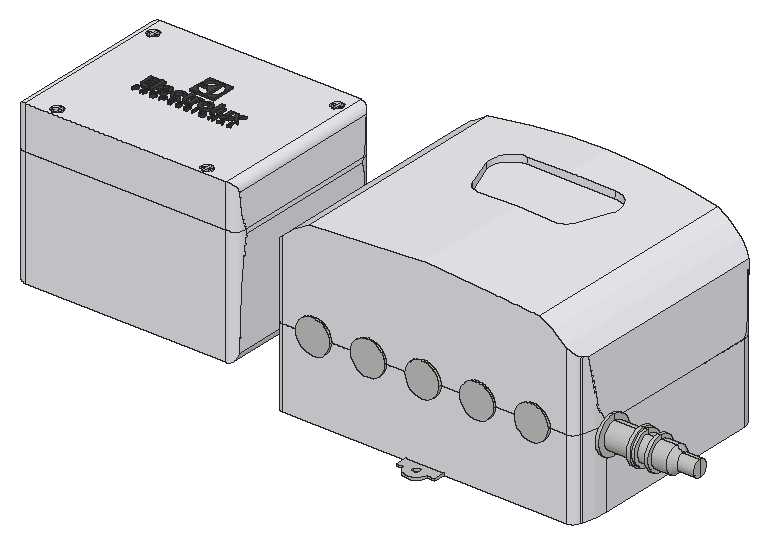
Revit family "QF_ELECTROLUXPROFESSIONAL_1LSMZS_JETSAVE", category Specialty Equipment, host Face, Revit 2014
Parameters
  OffsetVenturi [instance] = 20 mm
  Default Elevation = 1500 mm
Reference planes
  plane 1 "Centro (Fronte/Retro)": y = 0
  plane 2: z = 0
  plane 3 "Centro (Sinistra/Destra)": x = -2
  plane 4 "Left": x = -100
  plane 5 "Right": x = 96
  plane 6 "Display": z = 53.293
  plane 7 "Top": y = 74
  plane 8 "Low": y = -74
  plane 9 "PlanePump": z = 150.252
  plane 10 "Tube": z = 136.252
  plane 11 "VENTURI": x = 116
Dimensions and locks
  plane 7 "Top" to plane 8 "Low" = 148 mm
  plane 6 "Display" to host face = 53.293 mm
  plane 9 "PlanePump" to host face = 150.252 mm
  plane 10 "Tube" to plane 9 "PlanePump" = 14 mm
  "OffsetVenturi": plane 5 "Right" to plane 11 "VENTURI"
  aligned and locked: host face to plane 2
  aligned and locked: host face to level
  aligned and locked: plane 11 "VENTURI" to nested 2
Automatic sketch dimensions
  host sketch curve to host sketch curve = 3451.742 mm
  host sketch curve to host sketch curve = 2438.4 mm
Nested families
  nested 1: "QF_ELECTROLUXPROFESSIONAL_DOSAVE" at (0, 10.452, 0), type "QF_ELECTROLUXPROFESSIONAL_DOSAVE"
    with Show Clearance yes, OffsetPumps 0 mm
  nested 2: "QF_ELECTROLUXPROFESSIONAL_VENTURI" at (308, -9.37, 0), type "QF_ELECTROLUXPROFESSIONAL_VENTURI"
    with Show Clearance yes, OffsetPumps 0 mm
Definition of nested family "QF_ELECTROLUXPROFESSIONAL_DOSAVE"
  Parameters (values of type "QF_ELECTROLUXPROFESSIONAL_DOSAVE")
    Show Clearance [instance] = yes
    OffsetPumps [instance] = 0 mm
    Default Elevation = 1500 mm
  Reference planes
    plane 1 "Centro (Fronte/Retro)": y = 0
    plane 2: z = 0
    plane 3 "Centro (Sinistra/Destra)": x = -2
    plane 4 "Left": x = -100
    plane 5 "Right": x = 95.956
    plane 6 "Display": z = 53.293
    plane 7 "Top": y = 63.6
    plane 8 "Low": y = -84.505
    plane 9 "Front": z = 145
    plane 10 "Tube": z = 107.026
  Forms (mm)
    Extrusion 1, solid
      sketch origin (0, 0, 0) x (1, 0, 0) y (0, 1, 0)
        loop
          line (-1219.2, 1219.2) -> (-1219.2, -1219.2) -> (1219.2, -1219.2) -> (1219.2, 1219.2) -> (-1219.2, 1219.2)
      from 0 to -304.8
    Extrusion 2, solid, material "QF_Finishes_White"
      sketch origin (0, 0, 0) x (1, 0, 0) y (0, 1, 0)
        loop
          line (-2.022, 63.6) -> (-2.022, -84.505) -> (85.956, -84.505)
          arc (85.956, -84.505) -> (93.027, -81.576) -> (95.956, -74.505) r 10
          line (95.956, -74.505) -> (95.956, 53.6)
          arc (95.956, 53.6) -> (93.027, 60.671) -> (85.956, 63.6) r 10
          line (85.956, 63.6) -> (-2.022, 63.6)
      from 107.026 to 145
    Extrusion 3, void
      sketch origin (0, 0, 0) x (1, 0, 0) y (0, 0, 1)
        loop
          line (95.956, 145) -> (86.374, 145)
          arc (86.374, 145) -> (91.881, 142.803) -> (94.364, 137.419) r 8
          line (94.364, 137.419) -> (95.956, 107.026) -> (95.956, 145)
      from -63.6 to 84.505
    Extrusion 4, solid, material "QF_Finishes_White"
      sketch origin (-4, 0, 0) x (-1, 0, 0) y (0, -1, 0)
        loop
          line (-2.022, -63.6) -> (85.956, -63.6)
          arc (85.956, -63.6) -> (93.027, -60.671) -> (95.956, -53.6) r 10
          line (95.956, -53.6) -> (95.956, 74.505)
          arc (95.956, 74.505) -> (93.027, 81.576) -> (85.956, 84.505) r 10
          line (85.956, 84.505) -> (-2.022, 84.505) -> (-2.022, -63.6)
      from 107.026 to 145
    Extrusion 5, void
      sketch origin (-4, 0, 0) x (-1, 0, 0) y (0, 0, -1)
        loop
          line (95.956, -145) -> (95.956, -107.026) -> (94.364, -137.419)
          arc (94.364, -137.419) -> (91.881, -142.803) -> (86.374, -145) r 8
          line (86.374, -145) -> (95.956, -145)
      from -63.6 to 84.505
    Extrusion 6, void
      sketch origin (0, 0, 148) x (1, 0, 0) y (0, 0, 1)
        loop
          line (95.956, -145) -> (95.956, -45) -> (94.373, -137.137)
          arc (94.373, -137.137) -> (91.983, -142.705) -> (86.374, -145) r 8
          line (86.374, -145) -> (95.956, -145)
      from -63.6 to 84.505
    Extrusion 7, void
      sketch origin (-4, 0, 148) x (-1, 0, 0) y (0, 0, -1)
        loop
          line (95.956, 145) -> (86.374, 145)
          arc (86.374, 145) -> (91.983, 142.705) -> (94.373, 137.137) r 8
          line (94.373, 137.137) -> (95.956, 45) -> (95.956, 145)
      from -63.6 to 84.505
    Extrusion 8, solid, material "QF_Finishes_White"
      sketch origin (0, 0, 0) x (1, 0, 0) y (0, 1, 0)
        loop
          line (-2.022, 63.6) -> (-2.022, -84.505) -> (85.956, -84.505)
          arc (85.956, -84.505) -> (93.027, -81.576) -> (95.956, -74.505) r 10
          line (95.956, -74.505) -> (95.956, 53.6)
          arc (95.956, 53.6) -> (93.027, 60.671) -> (85.956, 63.6) r 10
          line (85.956, 63.6) -> (-2.022, 63.6)
      from 107.026 to 3
    Extrusion 9, solid, material "QF_Finishes_White"
      sketch origin (-4, 0, 0) x (-1, 0, 0) y (0, -1, 0)
        loop
          line (-2.022, -63.6) -> (85.956, -63.6)
          arc (85.956, -63.6) -> (93.027, -60.671) -> (95.956, -53.6) r 10
          line (95.956, -53.6) -> (95.956, 74.505)
          arc (95.956, 74.505) -> (93.027, 81.576) -> (85.956, 84.505) r 10
          line (85.956, 84.505) -> (-2.022, 84.505) -> (-2.022, -63.6)
      from 107.026 to 3
    Extrusion 10, void
      sketch origin (0, 0, 0) x (1, 0, 0) y (0, 1, 0)
        loop
          circle (78.956, 46.6) r 5
        loop
          circle (63.956, -77.505) r 5
      from 140 to 145
    Extrusion 11, void
      sketch origin (0, 0, 0) x (1, 0, 0) y (0, 1, 0)
        loop
          circle (-82.956, 46.6) r 5
        loop
          circle (-67.956, -77.505) r 5
      from 140 to 145
    Extrusion 12, solid, material "QF_Finishes_Stainless Steel"
      sketch origin (0, 0, 145) x (0, -1, 0) y (1, 0, 0)
        loop
          line (-51.173, -83.956) -> (-47.6, -83.956) -> (-47.6, -87.529)
          arc (-47.6, -87.529) -> (-46.6, -87.637) -> (-45.6, -87.529) r 4.681
          line (-45.6, -87.529) -> (-45.6, -83.956) -> (-42.027, -83.956)
          arc (-42.027, -83.956) -> (-41.919, -82.956) -> (-42.027, -81.956) r 4.681
          line (-42.027, -81.956) -> (-45.6, -81.956) -> (-45.6, -78.383)
          arc (-45.6, -78.383) -> (-46.6, -78.275) -> (-47.6, -78.383) r 4.681
          line (-47.6, -78.383) -> (-47.6, -81.956) -> (-51.173, -81.956)
          arc (-51.173, -81.956) -> (-51.281, -82.956) -> (-51.173, -83.956) r 4.681
      from 0 to -5
    Extrusion 13, solid, material "QF_Finishes_Stainless Steel"
      sketch origin (-4, 0, 145) x (0, -1, 0) y (1, 0, 0)
        loop
          arc (-51.173, 83.956) -> (-51.281, 82.956) -> (-51.173, 81.956) r 4.681
          line (-51.173, 81.956) -> (-47.6, 81.956) -> (-47.6, 78.383)
          arc (-47.6, 78.383) -> (-46.6, 78.275) -> (-45.6, 78.383) r 4.681
          line (-45.6, 78.383) -> (-45.6, 81.956) -> (-42.027, 81.956)
          arc (-42.027, 81.956) -> (-41.919, 82.956) -> (-42.027, 83.956) r 4.681
          line (-42.027, 83.956) -> (-45.6, 83.956) -> (-45.6, 87.529)
          arc (-45.6, 87.529) -> (-46.6, 87.637) -> (-47.6, 87.529) r 4.681
          line (-47.6, 87.529) -> (-47.6, 83.956) -> (-51.173, 83.956)
      from 0 to -5
    Extrusion 14, solid, material "QF_Finishes_Stainless Steel"
      sketch origin (15, -30.905, 145) x (0, 1, 0) y (-1, 0, 0)
        loop
          arc (-51.173, 83.956) -> (-51.281, 82.956) -> (-51.173, 81.956) r 4.681
          line (-51.173, 81.956) -> (-47.6, 81.956) -> (-47.6, 78.383)
          arc (-47.6, 78.383) -> (-46.6, 78.275) -> (-45.6, 78.383) r 4.681
          line (-45.6, 78.383) -> (-45.6, 81.956) -> (-42.027, 81.956)
          arc (-42.027, 81.956) -> (-41.919, 82.956) -> (-42.027, 83.956) r 4.681
          line (-42.027, 83.956) -> (-45.6, 83.956) -> (-45.6, 87.529)
          arc (-45.6, 87.529) -> (-46.6, 87.637) -> (-47.6, 87.529) r 4.681
          line (-47.6, 87.529) -> (-47.6, 83.956) -> (-51.173, 83.956)
      from 0 to -5
    Extrusion 15, solid, material "QF_Finishes_Stainless Steel"
      sketch origin (146.956, -30.905, 145) x (0, 1, 0) y (-1, 0, 0)
        loop
          arc (-51.173, 83.956) -> (-51.281, 82.956) -> (-51.173, 81.956) r 4.681
          line (-51.173, 81.956) -> (-47.6, 81.956) -> (-47.6, 78.383)
          arc (-47.6, 78.383) -> (-46.6, 78.275) -> (-45.6, 78.383) r 4.681
          line (-45.6, 78.383) -> (-45.6, 81.956) -> (-42.027, 81.956)
          arc (-42.027, 81.956) -> (-41.919, 82.956) -> (-42.027, 83.956) r 4.681
          line (-42.027, 83.956) -> (-45.6, 83.956) -> (-45.6, 87.529)
          arc (-45.6, 87.529) -> (-46.6, 87.637) -> (-47.6, 87.529) r 4.681
          line (-47.6, 87.529) -> (-47.6, 83.956) -> (-51.173, 83.956)
      from 0 to -5
    Extrusion 16, solid, material "QF_Finishes_White"
      sketch origin (0, 0, 0) x (1, 0, 0) y (0, 1, 0)
        loop
          circle (-67.037, 30.637) r 20
        loop
          circle (63.037, 30.637) r 20
        loop
          circle (-67.037, -51.542) r 20
        loop
          circle (63.037, -51.542) r 20
      from 0 to 3
    Extrusion 17, solid, material "QF_Finishes_Black"
      sketch origin (0, 0, 145) x (0, -1, 0) y (1, 0, 0)
        loop
          spline (14.338, -41.018) -> (14.329, -41.217) -> (14.302, -41.429) -> (14.252, -41.649) -> (14.177, -41.87) -> (14.072, -42.087) -> (13.936, -42.294) -> (13.764, -42.485) -> (13.552, -42.655) -> (13.299, -42.797) -> (13, -42.905) -> (12.652, -42.975) -> (12.252, -42.999)
          line (12.252, -42.999) -> (10.477, -42.999) -> (10.477, -37.14) -> (8.214, -37.14) -> (8.214, -43) -> (4.92, -43) -> (4.92, -36.767) -> (2.663, -36.767) -> (2.663, -45.398) -> (12.149, -45.398)
          spline (12.149, -45.398) -> (12.733, -45.377) -> (13.283, -45.311) -> (13.797, -45.201) -> (14.275, -45.045) -> (14.713, -44.841) -> (15.11, -44.588) -> (15.464, -44.285) -> (15.773, -43.931) -> (16.036, -43.525) -> (16.25, -43.065) -> (16.414, -42.55) -> (16.525, -41.979)
          line (16.525, -41.979) -> (16.592, -41.038) -> (16.592, -36.6) -> (14.338, -36.6) -> (14.338, -41.018)
        loop
          line (9.245, -34.896) -> (16.596, -34.896) -> (16.596, -32.497) -> (2.66, -32.497) -> (2.66, -34.896) -> (9.245, -34.896)
        loop
          spline (11.301, -20.617) -> (10.606, -20.658) -> (9.94, -20.779) -> (9.309, -20.975) -> (8.72, -21.244) -> (8.178, -21.583) -> (7.688, -21.988) -> (7.258, -22.456) -> (6.893, -22.983) -> (6.598, -23.566) -> (6.381, -24.202) -> (6.246, -24.887) -> (6.2, -25.618)
          spline (6.2, -25.618) -> (6.243, -26.365) -> (6.371, -27.075) -> (6.58, -27.742) -> (6.867, -28.361) -> (7.229, -28.927) -> (7.662, -29.435) -> (8.163, -29.879) -> (8.73, -30.255) -> (9.359, -30.556) -> (10.046, -30.777) -> (10.788, -30.914) -> (11.583, -30.961)
          spline (11.583, -30.961) -> (12.358, -30.915) -> (13.083, -30.782) -> (13.754, -30.566) -> (14.368, -30.27) -> (14.922, -29.9) -> (15.412, -29.458) -> (15.836, -28.95) -> (16.19, -28.379) -> (16.471, -27.751) -> (16.676, -27.068) -> (16.801, -26.336) -> (16.844, -25.558)
          spline (16.844, -25.558) -> (16.835, -25.178) -> (16.806, -24.803) -> (16.756, -24.432) -> (16.683, -24.066) -> (16.585, -23.704) -> (16.46, -23.346) -> (16.306, -22.993) -> (16.121, -22.645) -> (15.903, -22.301) -> (15.652, -21.963) -> (15.363, -21.629) -> (15.036, -21.3)
          line (15.036, -21.3) -> (13.63, -22.746)
          spline (13.63, -22.746) -> (13.814, -22.937) -> (13.982, -23.128) -> (14.134, -23.322) -> (14.272, -23.521) -> (14.393, -23.726) -> (14.499, -23.938) -> (14.589, -24.161) -> (14.663, -24.394) -> (14.721, -24.641) -> (14.762, -24.903) -> (14.787, -25.181) -> (14.795, -25.477)
          spline (14.795, -25.477) -> (14.774, -25.911) -> (14.711, -26.319) -> (14.607, -26.697) -> (14.465, -27.045) -> (14.286, -27.362) -> (14.072, -27.644) -> (13.825, -27.891) -> (13.546, -28.1) -> (13.236, -28.271) -> (12.898, -28.4) -> (12.534, -28.487) -> (12.144, -28.53)
          line (12.144, -28.53) -> (12.144, -20.657) -> (11.301, -20.617)
        loop
          spline (10.457, -23.067) -> (10.161, -23.091) -> (9.875, -23.159) -> (9.604, -23.268) -> (9.349, -23.416) -> (9.114, -23.6) -> (8.901, -23.816) -> (8.713, -24.061) -> (8.553, -24.332) -> (8.424, -24.626) -> (8.328, -24.941) -> (8.269, -25.273) -> (8.248, -25.618)
          spline (8.248, -25.618) -> (8.268, -25.989) -> (8.327, -26.345) -> (8.421, -26.685) -> (8.549, -27.004) -> (8.707, -27.301) -> (8.893, -27.571) -> (9.105, -27.812) -> (9.34, -28.02) -> (9.595, -28.194) -> (9.868, -28.328) -> (10.157, -28.421) -> (10.457, -28.47)
          line (10.457, -28.47) -> (10.457, -23.067)
        loop
          spline (11.522, -16.989) -> (11.075, -16.961) -> (10.652, -16.881) -> (10.255, -16.751) -> (9.887, -16.574) -> (9.551, -16.355) -> (9.25, -16.095) -> (8.987, -15.799) -> (8.765, -15.468) -> (8.587, -15.108) -> (8.457, -14.72) -> (8.376, -14.308) -> (8.349, -13.876)
          spline (8.349, -13.876) -> (8.357, -13.61) -> (8.382, -13.356) -> (8.422, -13.113) -> (8.479, -12.879) -> (8.551, -12.655) -> (8.637, -12.44) -> (8.739, -12.233) -> (8.854, -12.034) -> (8.984, -11.842) -> (9.127, -11.657) -> (9.284, -11.479) -> (9.453, -11.305)
          line (9.453, -11.305) -> (7.907, -9.819)
          spline (7.907, -9.819) -> (7.611, -10.115) -> (7.345, -10.419) -> (7.108, -10.732) -> (6.9, -11.054) -> (6.72, -11.383) -> (6.566, -11.719) -> (6.438, -12.063) -> (6.336, -12.413) -> (6.257, -12.77) -> (6.202, -13.133) -> (6.17, -13.502) -> (6.159, -13.876)
          spline (6.159, -13.876) -> (6.206, -14.625) -> (6.342, -15.343) -> (6.562, -16.023) -> (6.862, -16.659) -> (7.237, -17.244) -> (7.681, -17.772) -> (8.189, -18.236) -> (8.757, -18.63) -> (9.379, -18.948) -> (10.051, -19.183) -> (10.767, -19.328) -> (11.522, -19.378)
          spline (11.522, -19.378) -> (12.277, -19.328) -> (12.993, -19.183) -> (13.664, -18.948) -> (14.287, -18.63) -> (14.854, -18.236) -> (15.363, -17.772) -> (15.807, -17.244) -> (16.181, -16.659) -> (16.481, -16.023) -> (16.702, -15.343) -> (16.838, -14.625) -> (16.884, -13.876)
          spline (16.884, -13.876) -> (16.874, -13.502) -> (16.841, -13.133) -> (16.786, -12.77) -> (16.708, -12.413) -> (16.605, -12.063) -> (16.477, -11.719) -> (16.324, -11.383) -> (16.143, -11.054) -> (15.935, -10.732) -> (15.699, -10.419) -> (15.433, -10.115) -> (15.137, -9.819)
          line (15.137, -9.819) -> (13.59, -11.305)
          spline (13.59, -11.305) -> (13.76, -11.479) -> (13.916, -11.657) -> (14.059, -11.842) -> (14.189, -12.034) -> (14.305, -12.233) -> (14.406, -12.44) -> (14.493, -12.655) -> (14.565, -12.879) -> (14.621, -13.113) -> (14.662, -13.356) -> (14.687, -13.61) -> (14.695, -13.876)
          spline (14.695, -13.876) -> (14.667, -14.308) -> (14.587, -14.72) -> (14.456, -15.108) -> (14.278, -15.468) -> (14.057, -15.799) -> (13.794, -16.095) -> (13.493, -16.355) -> (13.157, -16.574) -> (12.789, -16.751) -> (12.391, -16.881) -> (11.968, -16.961) -> (11.522, -16.989)
        loop
          spline (14.341, -3.702) -> (14.344, -3.914) -> (14.328, -4.14) -> (14.289, -4.376) -> (14.223, -4.615) -> (14.125, -4.852) -> (13.993, -5.08) -> (13.823, -5.293) -> (13.609, -5.485) -> (13.349, -5.651) -> (13.039, -5.784) -> (12.675, -5.879) -> (12.252, -5.929)
          line (12.252, -5.929) -> (8.698, -5.929) -> (8.698, -3.747) -> (6.518, -3.747) -> (6.518, -5.926) -> (2.66, -5.926) -> (2.66, -8.325) -> (12.389, -8.325)
          spline (12.389, -8.325) -> (12.953, -8.274) -> (13.484, -8.181) -> (13.979, -8.045) -> (14.438, -7.866) -> (14.857, -7.642) -> (15.236, -7.372) -> (15.571, -7.055) -> (15.863, -6.689) -> (16.108, -6.275) -> (16.306, -5.81) -> (16.454, -5.293) -> (16.55, -4.724)
          line (16.55, -4.724) -> (16.596, -3.711) -> (14.341, -3.702)
        loop
          spline (6.378, 4.37) -> (6.353, 3.955) -> (6.36, 3.555) -> (6.399, 3.172) -> (6.47, 2.807) -> (6.57, 2.46) -> (6.698, 2.134) -> (6.855, 1.828) -> (7.038, 1.544) -> (7.247, 1.283) -> (7.481, 1.047) -> (7.738, 0.836) -> (8.017, 0.651)
          line (8.017, 0.651) -> (6.519, 0.651) -> (6.519, -1.728) -> (16.595, -1.728) -> (16.595, 0.651) -> (11.297, 0.651)
          spline (11.297, 0.651) -> (10.895, 0.673) -> (10.521, 0.737) -> (10.175, 0.843) -> (9.859, 0.987) -> (9.576, 1.17) -> (9.325, 1.388) -> (9.109, 1.642) -> (8.929, 1.928) -> (8.786, 2.245) -> (8.682, 2.592) -> (8.619, 2.968) -> (8.598, 3.37)
          line (8.598, 3.37) -> (8.698, 4.37) -> (6.378, 4.37)
        loop
          spline (11.557, 15.734) -> (10.818, 15.684) -> (10.113, 15.538) -> (9.449, 15.302) -> (8.831, 14.984) -> (8.265, 14.589) -> (7.756, 14.125) -> (7.309, 13.597) -> (6.932, 13.012) -> (6.628, 12.377) -> (6.404, 11.698) -> (6.266, 10.983) -> (6.219, 10.236)
          spline (6.219, 10.236) -> (6.266, 9.485) -> (6.404, 8.766) -> (6.628, 8.086) -> (6.932, 7.451) -> (7.309, 6.866) -> (7.756, 6.339) -> (8.265, 5.876) -> (8.831, 5.483) -> (9.449, 5.166) -> (10.113, 4.932) -> (10.818, 4.787) -> (11.557, 4.737)
          spline (11.557, 4.737) -> (12.296, 4.787) -> (13, 4.932) -> (13.664, 5.166) -> (14.282, 5.483) -> (14.849, 5.876) -> (15.358, 6.339) -> (15.804, 6.866) -> (16.182, 7.451) -> (16.486, 8.086) -> (16.71, 8.766) -> (16.848, 9.485) -> (16.895, 10.236)
          spline (16.895, 10.236) -> (16.848, 10.983) -> (16.71, 11.698) -> (16.486, 12.377) -> (16.182, 13.012) -> (15.804, 13.597) -> (15.358, 14.125) -> (14.849, 14.589) -> (14.282, 14.984) -> (13.664, 15.302) -> (13, 15.538) -> (12.296, 15.684) -> (11.557, 15.734)
        loop
          spline (11.557, 13.354) -> (11.121, 13.327) -> (10.705, 13.246) -> (10.312, 13.115) -> (9.947, 12.937) -> (9.612, 12.716) -> (9.31, 12.455) -> (9.045, 12.158) -> (8.821, 11.827) -> (8.641, 11.466) -> (8.508, 11.078) -> (8.426, 10.667) -> (8.398, 10.236)
          spline (8.398, 10.236) -> (8.426, 9.801) -> (8.508, 9.387) -> (8.641, 8.998) -> (8.821, 8.637) -> (9.045, 8.306) -> (9.31, 8.009) -> (9.612, 7.75) -> (9.947, 7.531) -> (10.312, 7.355) -> (10.705, 7.225) -> (11.121, 7.145) -> (11.557, 7.117)
          spline (11.557, 7.117) -> (11.993, 7.145) -> (12.409, 7.225) -> (12.801, 7.355) -> (13.167, 7.531) -> (13.502, 7.75) -> (13.804, 8.009) -> (14.069, 8.306) -> (14.293, 8.637) -> (14.473, 8.998) -> (14.606, 9.387) -> (14.688, 9.801) -> (14.716, 10.236)
          spline (14.716, 10.236) -> (14.688, 10.667) -> (14.606, 11.078) -> (14.473, 11.466) -> (14.293, 11.827) -> (14.069, 12.158) -> (13.804, 12.455) -> (13.502, 12.716) -> (13.167, 12.937) -> (12.801, 13.115) -> (12.409, 13.246) -> (11.993, 13.327) -> (11.557, 13.354)
        loop
          line (9.005, 17.21) -> (16.596, 17.21) -> (16.596, 19.61) -> (2.66, 19.61) -> (2.66, 17.21) -> (9.005, 17.21)
        loop
          line (6.519, 28.263) -> (12.376, 28.263)
          spline (12.376, 28.263) -> (12.757, 28.244) -> (13.1, 28.187) -> (13.407, 28.096) -> (13.678, 27.973) -> (13.914, 27.818) -> (14.116, 27.636) -> (14.284, 27.427) -> (14.42, 27.194) -> (14.525, 26.938) -> (14.598, 26.664) -> (14.642, 26.371) -> (14.656, 26.063)
          spline (14.656, 26.063) -> (14.642, 25.755) -> (14.598, 25.463) -> (14.525, 25.188) -> (14.421, 24.933) -> (14.286, 24.7) -> (14.118, 24.491) -> (13.918, 24.309) -> (13.684, 24.154) -> (13.416, 24.031) -> (13.112, 23.94) -> (12.773, 23.883) -> (12.397, 23.864)
          line (12.397, 23.864) -> (6.519, 23.864) -> (6.519, 21.445) -> (12.597, 21.445)
          spline (12.597, 21.445) -> (13.286, 21.487) -> (13.912, 21.612) -> (14.477, 21.812) -> (14.981, 22.081) -> (15.424, 22.415) -> (15.806, 22.807) -> (16.128, 23.25) -> (16.391, 23.74) -> (16.595, 24.27) -> (16.74, 24.835) -> (16.827, 25.428) -> (16.856, 26.044)
          spline (16.856, 26.044) -> (16.826, 26.664) -> (16.739, 27.262) -> (16.591, 27.831) -> (16.385, 28.366) -> (16.118, 28.86) -> (15.791, 29.307) -> (15.403, 29.702) -> (14.954, 30.039) -> (14.443, 30.311) -> (13.87, 30.513) -> (13.235, 30.638) -> (12.537, 30.681)
          line (12.537, 30.681) -> (6.519, 30.681) -> (6.519, 28.263)
        loop
          line (13.373, 39.759) -> (11.257, 38.246) -> (8.705, 40.12) -> (6.519, 41.725) -> (6.519, 39.106) -> (9.538, 36.926) -> (6.519, 34.727) -> (6.519, 32.128) -> (8.557, 33.618) -> (11.277, 35.607) -> (14.179, 33.523) -> (16.596, 31.788) -> (16.596, 34.367) -> (13.036, 36.926) -> (16.596, 39.485) -> (16.596, 42.064) -> (13.373, 39.759)
        loop
          line (18.788, -44.049) -> (18.788, -45.905) -> (23.605, -45.905) -> (23.605, -44.915) -> (21.973, -44.915) -> (21.973, -44.049)
          arc (21.973, -44.049) -> (20.38, -42.456) -> (18.788, -44.049) r 1.592
        loop
          line (19.698, -44.089) -> (19.698, -44.915) -> (21.062, -44.915) -> (21.062, -44.089)
          arc (21.062, -44.089) -> (20.38, -43.407) -> (19.698, -44.089) r 0.682
        loop
          line (18.788, -36.49) -> (18.788, -38.38) -> (23.605, -38.38) -> (23.605, -37.389) -> (21.946, -37.389) -> (22.097, -36.6) -> (23.605, -35.684) -> (23.605, -34.56) -> (21.702, -35.716)
          arc (21.702, -35.716) -> (21.139, -35.112) -> (20.341, -34.901) r 1.487
          arc (20.341, -34.901) -> (19.24, -35.379) -> (18.788, -36.49) r 1.59
        loop
          arc (21.042, -36.577) -> (20.402, -35.904) -> (19.698, -36.51) r 0.674
          line (19.698, -36.51) -> (19.698, -37.389) -> (21.042, -37.389) -> (21.042, -36.577)
        loop
          circle (21.196, -28.41) r 2.502
        loop
          circle (21.196, -28.41) r 1.588
        loop
          line (18.788, -21.764) -> (23.605, -21.764) -> (23.605, -20.773) -> (21.625, -20.773) -> (21.625, -18.961) -> (20.714, -18.961) -> (20.714, -20.773) -> (19.698, -20.773) -> (19.698, -18.787) -> (18.788, -18.787) -> (18.788, -21.764)
        loop
          line (18.788, -14.7) -> (22.043, -14.7)
          arc (22.043, -14.7) -> (23.146, -14.256) -> (23.605, -13.158) r 1.542
          line (23.605, -13.158) -> (23.605, -11.602) -> (22.695, -11.602) -> (22.695, -13.118)
          arc (22.695, -13.118) -> (22.209, -13.573) -> (21.558, -13.71) r 1.234
          line (21.558, -13.71) -> (21.558, -11.783) -> (20.647, -11.783) -> (20.647, -13.71) -> (19.698, -13.71) -> (19.698, -11.649) -> (18.788, -11.649) -> (18.788, -14.7)
        loop
          line (20.051, -5.123) -> (19.563, -4.411)
          arc (19.563, -4.411) -> (18.92, -5.071) -> (18.708, -5.968) r 1.725
          arc (18.708, -5.968) -> (18.827, -6.564) -> (19.129, -7.093) r 1.911
          arc (19.129, -7.093) -> (19.43, -7.343) -> (19.805, -7.455) r 0.981
          arc (19.805, -7.455) -> (20.243, -7.444) -> (20.668, -7.334) r 1.921
          arc (20.668, -7.334) -> (21.132, -6.905) -> (21.426, -6.345) r 1.866
          arc (21.426, -6.345) -> (21.747, -5.57) -> (22.523, -5.249) r 1.097
          arc (22.523, -5.249) -> (22.775, -5.79) -> (22.667, -6.377) r 0.983
          arc (22.667, -6.377) -> (22.433, -6.784) -> (22.039, -7.04) r 1
          line (22.039, -7.04) -> (22.514, -7.796)
          arc (22.514, -7.796) -> (23.009, -7.497) -> (23.387, -7.058) r 1.853
          arc (23.387, -7.058) -> (23.625, -6.503) -> (23.685, -5.902) r 1.997
          arc (23.685, -5.902) -> (23.537, -5.16) -> (23.182, -4.491) r 2.609
          arc (23.182, -4.491) -> (22.396, -4.195) -> (21.57, -4.348) r 1.567
          arc (21.57, -4.348) -> (21.19, -4.677) -> (20.915, -5.099) r 1.816
          arc (20.915, -5.099) -> (20.677, -5.632) -> (20.472, -6.178) r 9.567
          arc (20.472, -6.178) -> (19.981, -6.494) -> (19.617, -6.038) r 0.436
          arc (19.617, -6.038) -> (19.729, -5.53) -> (20.051, -5.123) r 1.159
        loop
          line (20.051, 2.155) -> (19.563, 2.866)
          arc (19.563, 2.866) -> (18.92, 2.207) -> (18.708, 1.31) r 1.725
          arc (18.708, 1.31) -> (18.827, 0.714) -> (19.129, 0.185) r 1.911
          arc (19.129, 0.185) -> (19.43, -0.065) -> (19.805, -0.177) r 0.981
          arc (19.805, -0.177) -> (20.243, -0.166) -> (20.668, -0.056) r 1.921
          arc (20.668, -0.056) -> (21.132, 0.373) -> (21.426, 0.932) r 1.866
          arc (21.426, 0.932) -> (21.747, 1.708) -> (22.523, 2.029) r 1.097
          arc (22.523, 2.029) -> (22.775, 1.488) -> (22.667, 0.901) r 0.983
          arc (22.667, 0.901) -> (22.433, 0.493) -> (22.039, 0.238) r 1
          line (22.039, 0.238) -> (22.514, -0.519)
          arc (22.514, -0.519) -> (23.009, -0.219) -> (23.387, 0.219) r 1.853
          arc (23.387, 0.219) -> (23.625, 0.775) -> (23.685, 1.375) r 1.997
          arc (23.685, 1.375) -> (23.537, 2.118) -> (23.182, 2.787) r 2.609
          arc (23.182, 2.787) -> (22.396, 3.082) -> (21.57, 2.93) r 1.567
          arc (21.57, 2.93) -> (21.19, 2.6) -> (20.915, 2.179) r 1.816
          arc (20.915, 2.179) -> (20.677, 1.646) -> (20.472, 1.099) r 9.567
          arc (20.472, 1.099) -> (19.981, 0.783) -> (19.617, 1.24) r 0.436
          arc (19.617, 1.24) -> (19.729, 1.747) -> (20.051, 2.155) r 1.159
        loop
          line (18.788, 7.18) -> (23.605, 7.18) -> (23.605, 8.171) -> (18.788, 8.171) -> (18.788, 7.18)
        loop
          circle (21.196, 14.85) r 1.498
        loop
          circle (21.196, 14.85) r 2.502
        loop
          line (23.605, 21.495) -> (23.605, 22.496) -> (20.576, 22.496) -> (23.605, 24.7) -> (23.605, 25.663) -> (18.788, 25.663) -> (18.788, 24.662) -> (21.908, 24.662) -> (18.788, 22.459) -> (18.788, 21.495) -> (23.605, 21.495)
        loop
          line (23.605, 30.657) -> (22.566, 31.127) -> (22.566, 32.909) -> (23.605, 33.378) -> (23.605, 34.442) -> (18.634, 32.018) -> (23.605, 29.594) -> (23.605, 30.657)
        loop
          line (20.589, 32.018) -> (21.577, 31.571) -> (21.577, 32.464) -> (20.589, 32.018)
        loop
          line (22.695, 39.362) -> (18.788, 39.362) -> (18.788, 38.372) -> (23.605, 38.372) -> (23.605, 41.215) -> (22.695, 41.215) -> (22.695, 39.362)
        loop
          line (0.62, -12.484) -> (0.62, 8.484) -> (-20.319, 8.484) -> (-20.319, -12.484) -> (0.62, -12.484)
        loop
          line (-19.291, 0.8) -> (-0.451, 0.8)
          arc (-0.451, 0.8) -> (-9.871, 7.764) -> (-19.291, 0.8) r 9.853
        loop
          line (-17.927, -0.158) -> (-19.291, -0.158)
          arc (-19.291, -0.158) -> (-17.51, -7.994) -> (-10.417, -11.769) r 9.656
          line (-10.417, -11.769) -> (-10.417, -8.652)
          arc (-10.417, -8.652) -> (-12.677, -3.084) -> (-17.927, -0.158) r 9.051
        loop
          arc (-9.325, -11.769) -> (-2.173, -8) -> (-0.209, -0.158) r 9.909
          line (-0.209, -0.158) -> (-1.815, -0.158)
          arc (-1.815, -0.158) -> (-7.065, -3.084) -> (-9.325, -8.652) r 9.051
          line (-9.325, -8.652) -> (-9.325, -11.769)
      from 0 to 1.6
  Cuts and joins
    Extrusion 3, Extrusion 5, Extrusion 6, Extrusion 7, Extrusion 10, Extrusion 11 cuts Extrusion 2
    Extrusion 5, Extrusion 6, Extrusion 7, Extrusion 11 cuts Extrusion 4
    joined: Extrusion 2, Extrusion 4
    Extrusion 6, Extrusion 10 cuts Extrusion 8
    Extrusion 7, Extrusion 10 cuts Extrusion 9
    joined: Extrusion 8, Extrusion 9
  Lines and regions (mm)
    symbolic lines
      curve 1: arc (86.374, 0, 145) -> (91.881, 0, 142.803) -> (94.364, 0, 137.419) r 8
      curve 2: line (86.374, 0, 145) -> (-90.374, 0, 145)
      curve 3: arc (-98.364, 0, 137.419) -> (-95.881, 0, 142.803) -> (-90.374, 0, 145) r 8
      curve 4: line (94.364, 0, 137.419) -> (95.956, 0, 107.026)
      curve 5: line (95.956, 0, 107.026) -> (-99.956, 0, 107.026)
      curve 6: line (-99.956, 0, 107.026) -> (-98.364, 0, 137.419)
      curve 7: line (-98.373, 0, 10.863) -> (-99.956, 0, 103)
      curve 8: line (95.956, 0, 103) -> (94.373, 0, 10.863)
      curve 9: arc (94.373, 0, 10.863) -> (91.983, 0, 5.295) -> (86.374, 0, 3) r 8
      curve 10: line (-90.374, 0, 3) -> (86.374, 0, 3)
      curve 11: arc (-90.374, 0, 3) -> (-95.983, 0, 5.295) -> (-98.373, 0, 10.863) r 8
      curve 12: line (83.037, 0, 3) -> (83.037, 0, 0)
      curve 13: line (43.037, 0, 3) -> (43.037, 0, 0)
      curve 14: line (-87.037, 0, 3) -> (-87.037, 0, 0)
      curve 15: line (-47.037, 0, 3) -> (-47.037, 0, 0)
      curve 16: line (95.956, 0, 107.026) -> (95.956, 0, 103)
      curve 17: line (-99.956, 0, 107.026) -> (-99.956, 0, 103)
  Dimensions and locks
    plane 7 "Top" to plane 8 "Low" = 148.105 mm
    plane 6 "Display" to Extrusion 1 = 53.293 mm
    plane 9 "Front" to Extrusion 1 = 145 mm
    plane 10 "Tube" to plane 9 "Front" = 37.974 mm
    plane 4 "Left" to plane 5 "Right" = 195.956 mm
    level to plane 9 "Front" = 145 mm
    aligned and locked: plane 2 to Extrusion 1
    aligned and locked: level to Extrusion 1
    aligned and locked: Extrusion 2 sketch curve to plane 7 "Top"
    aligned and locked: Extrusion 2 sketch curve to plane 8 "Low"
    aligned and locked: plane 5 "Right" to Extrusion 2 sketch curve
Definition of nested family "QF_ELECTROLUXPROFESSIONAL_VENTURI"
  Parameters (values of type "QF_ELECTROLUXPROFESSIONAL_VENTURI")
    Show Clearance [instance] = yes
    OffsetPumps [instance] = 0 mm
    Default Elevation = 1500 mm
  Reference planes
    plane 1 "Centro (Fronte/Retro)": y = 0
    plane 2: z = 0
    plane 3 "Centro (Sinistra/Destra)": x = -2
    plane 4 "Left": x = -192
    plane 5 "Right": x = 188
    plane 6 "Display": z = 162
    plane 7 "Top": y = 110
    plane 8 "Low": y = -110
    plane 9: z = 58
    plane 10 "CWI": y = 81.952
    plane 11 "DETERGENTE": y = -56.421
  Forms (mm)
    Extrusion 1, solid
      sketch origin (0, 0, 0) x (1, 0, 0) y (0, 1, 0)
        loop
          line (-1219.2, 1219.2) -> (-1219.2, -1219.2) -> (1219.2, -1219.2) -> (1219.2, 1219.2) -> (-1219.2, 1219.2)
      from 0 to -304.8
    Extrusion 2, solid, material "QF_Finishes_White"
      sketch origin (0, 0, 0) x (1, 0, 0) y (0, 1, 0)
        loop
          arc (109.41, 91.457) -> (106.942, 98.036) -> (100.755, 101.367) r 10
          arc (100.755, 101.367) -> (-25.838, 109.999) -> (-152.451, 101.677) r 949.563
          arc (-152.451, 101.677) -> (-159.274, 98.019) -> (-161.998, 90.773) r 11
          line (-161.998, 90.773) -> (-161.998, -60.814)
          arc (-161.998, -60.814) -> (-161.134, -71.994) -> (-158.715, -82.944) r 80
          line (-158.715, -82.944) -> (-158.278, -84.424)
          arc (-158.278, -84.424) -> (-155.672, -88.657) -> (-151.288, -90.998) r 9.515
          line (-151.288, -90.998) -> (98.7, -90.998)
          arc (98.7, -90.998) -> (103.084, -88.657) -> (105.69, -84.424) r 9.515
          line (105.69, -84.424) -> (106.127, -82.944)
          arc (106.127, -82.944) -> (108.546, -71.994) -> (109.41, -60.814) r 80
          line (109.41, -60.814) -> (109.41, 91.457)
      from 70 to 162
    Extrusion 3, solid, material "QF_Finishes_White"
      sketch origin (0, 0, 0) x (1, 0, 0) y (0, 1, 0)
        loop
          arc (109.41, 90.584) -> (106.692, 97.824) -> (99.88, 101.485) r 11
          arc (99.88, 101.485) -> (-26.279, 110) -> (-152.451, 101.677) r 949.563
          arc (-152.451, 101.677) -> (-159.274, 98.019) -> (-161.998, 90.773) r 11
          line (-161.998, 90.773) -> (-161.998, -60.814)
          arc (-161.998, -60.814) -> (-161.134, -71.994) -> (-158.715, -82.944) r 80
          line (-158.715, -82.944) -> (-158.278, -84.424)
          arc (-158.278, -84.424) -> (-155.672, -88.657) -> (-151.288, -90.998) r 9.515
          line (-151.288, -90.998) -> (98.7, -90.998)
          arc (98.7, -90.998) -> (103.084, -88.657) -> (105.69, -84.424) r 9.515
          line (105.69, -84.424) -> (106.127, -82.944)
          arc (106.127, -82.944) -> (108.546, -71.994) -> (109.41, -60.814) r 80
          line (109.41, -60.814) -> (109.41, 90.584)
      from 0 to 70
    Extrusion 4, void
      sketch origin (0, 0, 0) x (1, 0, 0) y (0, 1, 0)
        loop
          line (-61.177, 10) -> (8.589, 10)
          arc (8.589, 10) -> (14.253, 11.759) -> (17.925, 16.416) r 10
          line (17.925, 16.416) -> (29.108, 45.549)
          arc (29.108, 45.549) -> (27.138, 62.195) -> (12.304, 70) r 18
          line (12.304, 70) -> (-64.892, 70)
          arc (-64.892, 70) -> (-79.726, 62.195) -> (-81.696, 45.549) r 18
          line (-81.696, 45.549) -> (-70.513, 16.416)
          arc (-70.513, 16.416) -> (-66.841, 11.759) -> (-61.177, 10) r 10
      from 155 to 162
    Extrusion 5, void
      sketch origin (0, 0, 0) x (1, 0, 0) y (0, 0, 1)
        loop
          line (109.41, 70) -> (114.41, 70) -> (114.41, 165) -> (-165.59, 165) -> (-165.59, 70) -> (-161.998, 70) -> (-159.953, 128.566)
          arc (-159.953, 128.566) -> (-145.386, 144.071) -> (-127.586, 155.724) r 90
          arc (-127.586, 155.724) -> (-26.294, 162) -> (74.998, 155.724) r 820.582
          arc (74.998, 155.724) -> (92.798, 144.071) -> (107.365, 128.566) r 90
          line (107.365, 128.566) -> (109.41, 70)
      from -118.001 to 96.361
    Extrusion 6, solid, material "QF_Finishes_Stainless Steel"
      sketch origin (-192, 0, 0) x (0, 1, 0) y (0, 0, 1)
        loop
          circle (81.952, 58) r 8
      from 30.002 to 20.045
    Extrusion 7, solid, material "QF_Finishes_Black"
      sketch origin (-192, 0, 0) x (0, 1, 0) y (0, 0, 1)
        loop
          circle (81.952, 58) r 18
      from 20.045 to 0
    Revolve 8, solid, material "QF_Finishes_Stainless Steel"
      sketch origin (0, -56.421, 0) x (-1, 0, 0) y (0, 0, 1)
        loop
          line (-188, 59.766) -> (-109.195, 59.766) -> (-109.195, 76.155) -> (-112.507, 76.155) -> (-112.507, 71.155) -> (-135.821, 71.155) -> (-135.821, 75.102) -> (-139.074, 75.102) -> (-139.074, 74.173) -> (-141.863, 74.173) -> (-141.863, 71.155) -> (-150.868, 71.155) -> (-150.868, 74.173) -> (-153.868, 74.173) -> (-153.868, 71.155) -> (-167.735, 71.155) -> (-173, 66.737) -> (-188, 66.737) -> (-188, 59.766)
        axis (-188, 59.766) -> (-109.195, 59.766)
      angle from 0 to 360
    Extrusion 9, solid, material "QF_Finishes_Stainless Steel"
      sketch origin (0, 0, 0) x (1, 0, 0) y (0, 1, 0)
        loop
          line (-42.819, -90.998) -> (-42.819, -100.998) -> (-36.244, -100.998)
          arc (-36.244, -100.998) -> (-26.294, -110) -> (-16.344, -100.998) r 10
          line (-16.344, -100.998) -> (-9.769, -100.998) -> (-9.769, -90.998) -> (-42.819, -90.998)
        loop
          circle (-26.294, -100) r 3.01
      from 0 to 2
    Extrusion 10, solid, material "QF_Finishes_Stainless Steel"
      sketch origin (0, -110, 12) x (-1, 0, 0) y (0, 0, 1)
        loop
          circle (-68.793, 58) r 15
        loop
          circle (-20.793, 58) r 15
        loop
          circle (27.207, 58) r 15
        loop
          circle (75.207, 58) r 15
        loop
          circle (123.207, 58) r 15
      from 19.002 to 17.4
  Cuts and joins
    Extrusion 4, Extrusion 5 cuts Extrusion 2
  Lines and regions (mm)
    symbolic lines
      curve 1: line (135.821, 0, 44.43) -> (135.821, 0, 75.102)
      curve 2: line (188, 0, 52.795) -> (188, 0, 66.737)
      curve 3: line (173, 0, 52.795) -> (173, 0, 66.737)
      curve 4: line (167.735, 0, 48.377) -> (167.735, 0, 71.155)
      curve 5: line (153.868, 0, 45.36) -> (153.868, 0, 74.173)
      curve 6: line (150.868, 0, 45.36) -> (150.868, 0, 74.173)
      curve 7: line (141.863, 0, 45.36) -> (141.863, 0, 74.173)
      curve 8: line (139.074, 0, 44.43) -> (139.074, 0, 75.102)
      curve 9: line (112.507, 0, 43.377) -> (112.507, 0, 76.155)
      curve 10: line (107.365, 0, 128.566) -> (109.41, 0, 70)
      curve 11: line (109.41, 0, 0) -> (109.41, 0, 70)
      curve 12: line (-161.998, 0, 70) -> (109.41, 0, 70)
      curve 13: arc (74.998, 0, 155.724) -> (92.798, 0, 144.071) -> (107.365, 0, 128.566) r 90
      curve 14: arc (-127.586, 0, 155.724) -> (-26.294, 0, 162) -> (74.998, 0, 155.724) r 820.582
      curve 15: arc (-159.953, 0, 128.566) -> (-145.386, 0, 144.071) -> (-127.586, 0, 155.724) r 90
      curve 16: line (-161.998, 0, 70) -> (-159.953, 0, 128.566)
      curve 17: line (-171.955, 0, 40) -> (-171.955, 0, 76)
      curve 18: line (-192, 0, 76) -> (-192, 0, 40)
      curve 19: line (-161.998, 0, 70) -> (-161.998, 0, 0)
      curve 20: line (188, 0, 66.737) -> (173, 0, 66.737)
      curve 21: line (173, 0, 66.737) -> (167.735, 0, 71.155)
      curve 22: line (167.735, 0, 71.155) -> (153.868, 0, 71.155)
      curve 23: line (150.868, 0, 71.155) -> (141.863, 0, 71.155)
      curve 24: line (153.868, 0, 74.173) -> (150.868, 0, 74.173)
      curve 25: line (141.863, 0, 74.173) -> (139.074, 0, 74.173)
      curve 26: line (139.074, 0, 75.102) -> (135.821, 0, 75.102)
      curve 27: line (112.507, 0, 76.155) -> (109.195, 0, 76.155)
      curve 28: line (135.821, 0, 71.155) -> (112.507, 0, 71.155)
      curve 29: line (188, 0, 52.795) -> (173, 0, 52.795)
      curve 30: line (173, 0, 52.795) -> (167.735, 0, 48.377)
      curve 31: line (167.735, 0, 48.377) -> (153.868, 0, 48.377)
      curve 32: line (150.868, 0, 48.377) -> (141.863, 0, 48.377)
      curve 33: line (153.868, 0, 45.36) -> (150.868, 0, 45.36)
      curve 34: line (141.863, 0, 45.36) -> (139.074, 0, 45.36)
      curve 35: line (139.074, 0, 44.43) -> (135.821, 0, 44.43)
      curve 36: line (112.507, 0, 43.377) -> (109.195, 0, 43.377)
      curve 37: line (135.821, 0, 48.377) -> (112.507, 0, 48.377)
      curve 38: line (-171.955, 0, 76) -> (-192, 0, 76)
      curve 39: line (-171.955, 0, 40) -> (-192, 0, 40)
      curve 40: line (-171.955, 0, 50) -> (-161.998, 0, 50)
      curve 41: line (-171.955, 0, 66) -> (-161.998, 0, 66)
  Dimensions and locks
    equal spacing: plane 4 "Left", plane 3 "Centro (Sinistra/Destra)", plane 5 "Right"
    locked: plane 4 "Left" to plane 5 "Right" at 380
    equal spacing: plane 7 "Top", plane 1 "Centro (Fronte/Retro)", plane 8 "Low"
    locked: plane 7 "Top" to plane 8 "Low" at 220
    locked: plane 6 "Display" to level at 162
    aligned and locked: plane 2 to Extrusion 1
    aligned and locked: level to Extrusion 1
  Automatic sketch dimensions
    Extrusion 1 sketch curve to Extrusion 1 sketch curve = 2438.4 mm  (x2)
    Extrusion 4 sketch curve to plane 10 "CWI" = 36.402 mm
    Extrusion 4 sketch curve to plane 3 "Centro (Sinistra/Destra)" = 79.696 mm
    Extrusion 4 sketch curve to plane 1 "Centro (Fronte/Retro)" = 16.416 mm
    Extrusion 4 sketch curve to Extrusion 4 sketch curve = 11.183 mm
    Extrusion 4 sketch curve to plane 10 "CWI" = 11.952 mm
    Extrusion 4 sketch curve to Extrusion 4 sketch curve = 16.804 mm  (x2)
    Extrusion 4 sketch curve to Extrusion 4 sketch curve = 9.336 mm  (x2)
    plane 3 "Centro (Sinistra/Destra)" to Extrusion 4 sketch curve = 10.589 mm
    plane 3 "Centro (Sinistra/Destra)" to Extrusion 4 sketch curve = 14.304 mm
    Extrusion 4 sketch curve to plane 1 "Centro (Fronte/Retro)" = 10 mm
    Extrusion 4 sketch curve to Extrusion 4 sketch curve = 6.416 mm
    Extrusion 4 sketch curve to Extrusion 4 sketch curve = 24.451 mm
    plane 9 to Extrusion 5 sketch curve = 12 mm  (x2)
    plane 4 "Left" to Extrusion 5 sketch curve = 26.41 mm
    Extrusion 5 sketch curve to Extrusion 5 sketch curve = 3.592 mm
    plane 4 "Left" to Extrusion 5 sketch curve = 32.047 mm
    plane 9 to Extrusion 5 sketch curve = 17.127 mm  (x2)
    Extrusion 5 sketch curve to Extrusion 5 sketch curve = 74.463 mm
    Extrusion 5 sketch curve to plane 3 "Centro (Sinistra/Destra)" = 24.294 mm
    plane 3 "Centro (Sinistra/Destra)" to Extrusion 5 sketch curve = 36.947 mm
    Extrusion 5 sketch curve to plane 6 "Display" = 33.434 mm  (x2)
    Extrusion 5 sketch curve to Extrusion 5 sketch curve = 72.418 mm
    Extrusion 5 sketch curve to Extrusion 5 sketch curve = 2.045 mm
    plane 6 "Display" to Extrusion 5 sketch curve = 3 mm
    Extrusion 5 sketch curve to Extrusion 5 sketch curve = 7.045 mm
    Extrusion 5 sketch curve to level = 658.582 mm
    Extrusion 5 sketch curve to plane 6 "Display" = 6.276 mm
    Extrusion 6 sketch curve to plane 9 = 0 mm
    Extrusion 6 sketch curve to plane 10 "CWI" = 0 mm
    Extrusion 7 sketch curve to plane 9 = 0 mm
    Extrusion 7 sketch curve to plane 10 "CWI" = 0 mm
    Revolve 8 sketch curve to plane 5 "Right" = 0 mm  (x2)
    Revolve 8 sketch curve to Revolve 8 sketch curve = 15 mm
    Revolve 8 sketch curve to Revolve 8 sketch curve = 5.265 mm
    Revolve 8 sketch curve to Revolve 8 sketch curve = 13.867 mm
    Revolve 8 sketch curve to Revolve 8 sketch curve = 3 mm
    Revolve 8 sketch curve to Revolve 8 sketch curve = 9.006 mm
    Revolve 8 sketch curve to Revolve 8 sketch curve = 2.788 mm
    Revolve 8 sketch curve to Revolve 8 sketch curve = 3.253 mm
    Revolve 8 sketch curve to Revolve 8 sketch curve = 23.314 mm
    Revolve 8 sketch curve to Revolve 8 sketch curve = 3.312 mm
    plane 9 to Revolve 8 sketch curve = 1.766 mm  (x2)
    plane 9 to Revolve 8 sketch curve = 8.737 mm
    plane 9 to Revolve 8 sketch curve = 13.155 mm  (x2)
    Revolve 8 sketch curve to Revolve 8 sketch curve = 0 mm
    Revolve 8 sketch curve to Revolve 8 sketch curve = 3.018 mm  (x2)
    Revolve 8 sketch curve to Revolve 8 sketch curve = 0.929 mm
    Revolve 8 sketch curve to Revolve 8 sketch curve = 5 mm
    Revolve 8 sketch curve to Revolve 8 sketch curve = 19.692 mm
    Extrusion 9 sketch curve to Extrusion 9 sketch curve = 0 mm  (x2)
    plane 8 "Low" to Extrusion 9 sketch curve = 9.002 mm  (x2)
    Extrusion 9 sketch curve to plane 3 "Centro (Sinistra/Destra)" = 40.819 mm
    Extrusion 9 sketch curve to Extrusion 9 sketch curve = 6.575 mm  (x2)
    Extrusion 9 sketch curve to Extrusion 9 sketch curve = 9.95 mm
    Extrusion 9 sketch curve to Extrusion 9 sketch curve = 0.998 mm
    Extrusion 9 sketch curve to Extrusion 9 sketch curve = 10 mm
    plane 9 to Extrusion 10 sketch curve = 12 mm  (x5)
    plane 3 "Centro (Sinistra/Destra)" to Extrusion 10 sketch curve = 70.793 mm
    plane 3 "Centro (Sinistra/Destra)" to Extrusion 10 sketch curve = 22.793 mm
    Extrusion 10 sketch curve to plane 3 "Centro (Sinistra/Destra)" = 25.207 mm
    Extrusion 10 sketch curve to Extrusion 10 sketch curve = 48 mm  (x2)
    curve 38 to plane 4 "Left" = 0 mm
    curve 19 to level = 0 mm
    curve 11 to level = 0 mm
    curve 2 to plane 5 "Right" = 0 mm
    plane 4 "Left" to curve 17 = 20.045 mm
    curve 41 to curve 19 = 9.957 mm
    plane 4 "Left" to curve 16 = 32.047 mm
    plane 9 to curve 15 = 17.127 mm
    curve 12 to curve 15 = 74.463 mm
    curve 14 to plane 3 "Centro (Sinistra/Destra)" = 24.294 mm
    plane 3 "Centro (Sinistra/Destra)" to curve 13 = 36.947 mm
    curve 10 to plane 6 "Display" = 33.434 mm
    curve 13 to curve 10 = 72.418 mm
    plane 9 to curve 11 = 12 mm
    curve 10 to curve 11 = 2.045 mm
    curve 10 to curve 9 = 3.097 mm
    curve 9 to curve 1 = 23.314 mm
    curve 1 to curve 35 = 3.253 mm
    curve 34 to curve 7 = 2.788 mm
    curve 7 to curve 33 = 9.006 mm
    curve 6 to curve 5 = 3 mm
    curve 31 to curve 4 = 13.867 mm
    curve 30 to plane 9 = 5.205 mm
    curve 4 to curve 30 = 5.265 mm
    curve 14 to level = 658.582 mm
    curve 17 to plane 9 = 18 mm
    curve 36 to plane 9 = 14.623 mm
    curve 35 to plane 9 = 13.57 mm
    curve 8 to curve 7 = 0.929 mm
    curve 33 to curve 7 = 0 mm
    curve 4 to curve 3 = 4.418 mm
    plane 9 to curve 20 = 8.737 mm
    curve 3 to curve 21 = 4.418 mm
    curve 22 to curve 5 = 3.018 mm
    curve 25 to curve 6 = 0 mm
    curve 25 to curve 26 = 0.929 mm
    plane 9 to curve 13 = 17.127 mm
    plane 9 to curve 18 = 18 mm
    curve 10 to curve 27 = 6.155 mm
    curve 16 to plane 6 "Display" = 33.434 mm
    curve 15 to plane 6 "Display" = 6.276 mm
    curve 36 to curve 9 = 3.312 mm
    curve 9 to curve 37 = 5 mm
    curve 7 to curve 32 = 3.018 mm
    curve 40 to plane 9 = 8 mm
    plane 9 to curve 41 = 8 mm
    curve 23 to curve 7 = 3.018 mm
    curve 28 to curve 1 = 3.947 mm
    plane 4 "Left" to Extrusion 2 sketch curve = 30.002 mm
    Extrusion 2 sketch curve to plane 11 "DETERGENTE" = 26.523 mm  (x2)
    Extrusion 2 sketch curve to Extrusion 2 sketch curve = 3.283 mm
    Extrusion 2 sketch curve to Extrusion 2 sketch curve = 0.438 mm  (x2)
    Extrusion 2 sketch curve to Extrusion 2 sketch curve = 6.99 mm
    Extrusion 2 sketch curve to Extrusion 2 sketch curve = 11 mm
    Extrusion 2 sketch curve to Extrusion 2 sketch curve = 2.135 mm  (x2)
    Extrusion 2 sketch curve to plane 11 "DETERGENTE" = 3.835 mm  (x2)
    Extrusion 2 sketch curve to Extrusion 2 sketch curve = 67.153 mm  (x2)
    Extrusion 2 sketch curve to plane 3 "Centro (Sinistra/Destra)" = 25 mm
    plane 3 "Centro (Sinistra/Destra)" to Extrusion 2 sketch curve = 31.412 mm
    Extrusion 2 sketch curve to plane 11 "DETERGENTE" = 25.305 mm
    plane 10 "CWI" to Extrusion 2 sketch curve = 9.506 mm
    Extrusion 2 sketch curve to plane 5 "Right" = 88.59 mm
    plane 8 "Low" to Extrusion 2 sketch curve = 25.576 mm
    Extrusion 2 sketch curve to Extrusion 2 sketch curve = 9.125 mm
    Extrusion 2 sketch curve to plane 11 "DETERGENTE" = 4.393 mm
    Extrusion 2 sketch curve to plane 8 "Low" = 729.563 mm
    Extrusion 2 sketch curve to Extrusion 2 sketch curve = 1.48 mm
    plane 10 "CWI" to Extrusion 2 sketch curve = 8.821 mm
    Extrusion 2 sketch curve to Extrusion 2 sketch curve = 0 mm
    Extrusion 3 sketch curve to plane 11 "DETERGENTE" = 4.393 mm  (x2)
    plane 4 "Left" to Extrusion 3 sketch curve = 30.002 mm
    Extrusion 3 sketch curve to plane 11 "DETERGENTE" = 26.523 mm  (x2)
    Extrusion 3 sketch curve to Extrusion 3 sketch curve = 3.283 mm
    plane 8 "Low" to Extrusion 3 sketch curve = 25.576 mm  (x2)
    Extrusion 3 sketch curve to Extrusion 3 sketch curve = 0.438 mm  (x2)
    Extrusion 3 sketch curve to Extrusion 3 sketch curve = 6.99 mm
    Extrusion 3 sketch curve to Extrusion 3 sketch curve = 11 mm
    Extrusion 3 sketch curve to Extrusion 3 sketch curve = 9.125 mm  (x2)
    Extrusion 3 sketch curve to plane 11 "DETERGENTE" = 3.835 mm  (x2)
    Extrusion 3 sketch curve to plane 3 "Centro (Sinistra/Destra)" = 25 mm
    plane 3 "Centro (Sinistra/Destra)" to Extrusion 3 sketch curve = 31.412 mm
    Extrusion 3 sketch curve to plane 11 "DETERGENTE" = 25.305 mm
    Extrusion 3 sketch curve to Extrusion 3 sketch curve = 67.153 mm
    Extrusion 3 sketch curve to Extrusion 3 sketch curve = 2.135 mm
    plane 10 "CWI" to Extrusion 3 sketch curve = 8.632 mm
    Extrusion 3 sketch curve to plane 5 "Right" = 89.59 mm
    Extrusion 3 sketch curve to plane 8 "Low" = 729.563 mm
    plane 10 "CWI" to Extrusion 3 sketch curve = 8.821 mm
    Extrusion 3 sketch curve to Extrusion 3 sketch curve = 0 mm
    radius of Extrusion 6 sketch curve = 8 mm
    radius of Extrusion 7 sketch curve = 18 mm
    radius of Extrusion 9 sketch curve = 3.01 mm
    radius of Extrusion 10 sketch curve = 15 mm  (x5)
